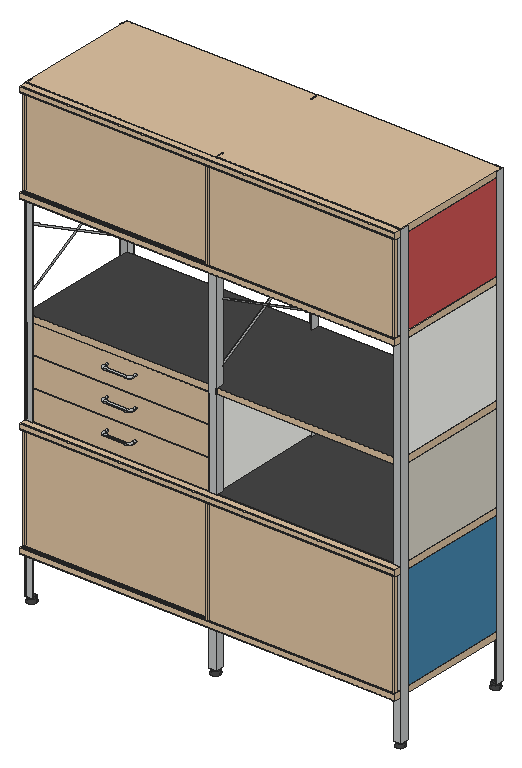
Revit family (continued)
Automatic sketch dimensions
  Extrusion 50 sketch curve to Extrusion 50 sketch curve = 0.125"  (x5)
  Extrusion 50 sketch curve to Extrusion 50 sketch curve = 0.000"  (x2)
  Extrusion 50 sketch curve to plane 3 "Center L/R" = 0.20442"
  Extrusion 50 sketch curve to plane 3 "Center L/R" = 0.07943"
  plane 3 "Center L/R" to Extrusion 50 sketch curve = 0.04558"  (x2)
  plane 8 to Extrusion 50 sketch curve = 0.35942"
  plane 8 to Extrusion 50 sketch curve = 0.10943"
  Extrusion 50 sketch curve to plane 6 = 0.91884"  (x2)
  Extrusion 50 sketch curve to Extrusion 50 sketch curve = 0.15625"  (x5)
  Extrusion 50 sketch curve to plane 6 = 0.54384"
  Extrusion 50 sketch curve to plane 6 = 0.10634"
  plane 7 to Extrusion 54 sketch curve = 0.00005"
  plane 5 to Extrusion 54 sketch curve = 0.00005"
  plane 6 to Extrusion 54 sketch curve = 0.00005"
  plane 3 "Center L/R" to Extrusion 54 sketch curve = 0.31245"
  plane 5 to Extrusion 55 sketch curve = 0.00005"
  plane 3 "Center L/R" to Extrusion 55 sketch curve = 0.31245"
  plane 7 to Extrusion 55 sketch curve = 0.00005"
  plane 6 to Extrusion 55 sketch curve = 0.00005"
  plane 5 to Masking region 1 sketch curve = 0.00005"
  plane 6 to Masking region 1 sketch curve = 0.00005"
  plane 7 to Masking region 1 sketch curve = 0.00005"
  plane 8 to Masking region 1 sketch curve = 0.00005"
  Masking region 2 sketch curve to plane 8 = 0.000"
  Masking region 2 sketch curve to plane 7 = 0.000"
  Masking region 2 sketch curve to plane 6 = 0.12495"
  Masking region 2 sketch curve to Masking region 2 sketch curve = 0.875"
  Sweep 23 sketch curve to plane 8 = 0.000"
  Sweep 23 sketch curve to plane 7 = 0.000"
  Sweep 23 sketch curve to plane 6 = 0.12495"
  Sweep 24 sketch curve to plane 8 = 0.000"
  plane 7 to Sweep 24 sketch curve = 0.00065"
  Sweep 24 sketch curve to plane 6 = 0.5312"
  plane 5 to Masking region 5 sketch curve = 0.00005"
  plane 3 "Center L/R" to Masking region 5 sketch curve = 0.31245"
  plane 7 to Masking region 5 sketch curve = 0.00005"
  plane 6 to Masking region 5 sketch curve = 0.00005"
  plane 9 "Y- Origin" to Masking region 3 sketch curve = 0.000"
  Masking region 3 sketch curve to plane 7 = 0.87495"
  Masking region 3 sketch curve to plane 3 "Center L/R" = 0.54634"
  plane 3 "Center L/R" to Masking region 3 sketch curve = 0.42241"
  plane 8 to Masking region 3 sketch curve = 0.87505"
  Masking region 3 sketch curve to plane 8 = 0.0937"
  level to Masking region 3 sketch curve = 5.750"  (x2)
  level to Masking region 3 sketch curve = 0.625"  (x3)
  Masking region 3 sketch curve to Masking region 3 sketch curve = 0.000"
  Masking region 7 sketch curve to level = 0.000"  (x2)
  plane 3 "Center L/R" to Masking region 7 sketch curve = 0.50053"
  Masking region 7 sketch curve to Masking region 7 sketch curve = 0.0625"  (x6)
  Masking region 7 sketch curve to plane 3 "Center L/R" = 0.49947"
  Masking region 7 sketch curve to plane 7 = 0.95308"
  level to Masking region 7 sketch curve = 0.375"  (x4)
  Masking region 7 sketch curve to plane 9 "Y- Origin" = 0.04687"
  plane 9 "Y- Origin" to Masking region 7 sketch curve = 0.01563"
  plane 9 "Y- Origin" to Masking region 7 sketch curve = 0.07813"
  Masking region 7 sketch curve to Masking region 7 sketch curve = 0.250"  (x2)
  Masking region 8 sketch curve to level = 0.000"
  Masking region 8 sketch curve to plane 8 = 0.17183"
  Masking region 8 sketch curve to plane 8 = 0.10933"
  Masking region 8 sketch curve to plane 8 = 0.04682"
  level to Masking region 8 sketch curve = 0.375"  (x2)
  plane 8 to Masking region 8 sketch curve = 0.82817"
  Masking region 8 sketch curve to Masking region 8 sketch curve = 0.0625"  (x2)
  Masking region 8 sketch curve to Masking region 8 sketch curve = 0.250"
  plane 3 "Center L/R" to curve 12 = 0.42241"
  plane 8 to curve 11 = 0.87505"
  level to curve 12 = 5.750"
  level to curve 11 = 5.750"
  curve 12 to plane 14 "Shelf 3" = 0.750"
  curve 11 to plane 14 "Shelf 3" = 0.750"
  plane 7 to Extrusion 11 sketch curve = 0.00005"
  Extrusion 11 sketch curve to plane 7 = 0.12495"
  level to Extrusion 11 sketch curve = 6.625"
  Extrusion 11 sketch curve to plane 12 "Shelf 1" = 0.875"
  plane 8 to Extrusion 12 sketch curve = 0.00005"
  Extrusion 12 sketch curve to plane 8 = 0.12495"
  Extrusion 12 sketch curve to level = 6.625"
  plane 12 "Shelf 1" to Extrusion 12 sketch curve = 0.875"
  Extrusion 13 sketch curve to plane 5 = 0.12495"
  plane 5 to Extrusion 13 sketch curve = 0.00005"
  level to Extrusion 13 sketch curve = 6.625"
  Extrusion 13 sketch curve to plane 12 "Shelf 1" = 0.875"
  Extrusion 14 sketch curve to plane 5 = 0.12495"
  plane 5 to Extrusion 14 sketch curve = 0.00005"
  Extrusion 14 sketch curve to plane 12 "Shelf 1" = 0.875"
  level to Extrusion 14 sketch curve = 6.625"
  plane 7 to Extrusion 18 sketch curve = 0.00005"
  Extrusion 18 sketch curve to plane 7 = 0.12495"
  plane 12 "Shelf 1" to Extrusion 18 sketch curve = 0.125"
  Extrusion 18 sketch curve to plane 13 "Shelf 2" = 0.875"
  plane 7 to Extrusion 19 sketch curve = 0.00005"
  Extrusion 19 sketch curve to plane 7 = 0.12495"
  plane 14 "Shelf 3" to Extrusion 19 sketch curve = 0.125"
  plane 11 "Surface Bottom" to Extrusion 19 sketch curve = 0.125"
  plane 8 to Extrusion 20 sketch curve = 0.00005"
  Extrusion 20 sketch curve to plane 8 = 0.12495"
  Extrusion 20 sketch curve to plane 12 "Shelf 1" = 0.125"
  plane 13 "Shelf 2" to Extrusion 20 sketch curve = 0.875"
  plane 8 to Extrusion 21 sketch curve = 0.00005"
  Extrusion 21 sketch curve to plane 8 = 0.12495"
  Extrusion 21 sketch curve to plane 13 "Shelf 2" = 0.125"
  plane 14 "Shelf 3" to Extrusion 21 sketch curve = 0.875"
  plane 8 to Extrusion 22 sketch curve = 0.00005"
  Extrusion 22 sketch curve to plane 8 = 0.12495"
  Extrusion 22 sketch curve to plane 14 "Shelf 3" = 0.125"
  Extrusion 22 sketch curve to plane 11 "Surface Bottom" = 0.125"
  Sweep 23 sketch curve to profile plane = 0.000"  (x2)
  profile plane to Sweep 23 sketch curve = 0.125"  (x2)
  Sweep 23 sketch curve to Sweep 23 sketch curve = 0.15625"  (x8)
  Sweep 23 sketch curve to Sweep 23 sketch curve = 0.21875"  (x2)
  Sweep 23 sketch curve to plane 14 "Shelf 3" = 0.00338"  (x3)
  Sweep 23 sketch curve to Sweep 23 sketch curve = 0.0625"  (x3)
  Sweep 23 sketch curve to plane 14 "Shelf 3" = 0.06588"
  Sweep 23 sketch curve to Sweep 23 sketch curve = 0.1875"  (x4)
  Sweep 23 sketch curve to Sweep 23 sketch curve = 0.500"  (x2)
  Sweep 23 sketch curve to Sweep 23 sketch curve = 0.5625"  (x2)
  plane 14 "Shelf 3" to Sweep 23 sketch curve = 11.20442"
  Sweep 23 sketch curve to Sweep 23 sketch curve = 0.000"  (x2)
  profile plane to Sweep 24 sketch curve = 0.46875"  (x2)
  Sweep 24 sketch curve to Sweep 24 sketch curve = 0.0625"  (x7)
  Sweep 24 sketch curve to Sweep 24 sketch curve = 0.15625"  (x4)
  profile plane to Sweep 24 sketch curve = 0.09375"  (x2)
  Sweep 24 sketch curve to profile plane = 0.125"  (x2)
  Sweep 24 sketch curve to Sweep 24 sketch curve = 0.125"  (x3)
  Sweep 24 sketch curve to plane 13 "Shelf 2" = 26.750"
  Sweep 24 sketch curve to Sweep 24 sketch curve = 0.5625"
  Sweep 24 sketch curve to Sweep 24 sketch curve = 0.000"  (x4)
  Sweep 24 sketch curve to Sweep 24 sketch curve = 0.1875"  (x4)
  Sweep 24 sketch curve to plane 13 "Shelf 2" = 12.750"
  Sweep 24 sketch curve to Sweep 24 sketch curve = 0.500"
  Extrusion 25 sketch curve to plane 5 = 0.12495"
  plane 5 to Extrusion 25 sketch curve = 0.00005"
  plane 12 "Shelf 1" to Extrusion 25 sketch curve = 0.125"
  Extrusion 25 sketch curve to plane 13 "Shelf 2" = 0.875"
  Extrusion 26 sketch curve to plane 5 = 0.12495"
  plane 5 to Extrusion 26 sketch curve = 0.00005"
  Extrusion 26 sketch curve to plane 13 "Shelf 2" = 0.875"
  plane 12 "Shelf 1" to Extrusion 26 sketch curve = 0.125"
  Extrusion 27 sketch curve to plane 5 = 0.12495"
  plane 5 to Extrusion 27 sketch curve = 0.00005"
  plane 14 "Shelf 3" to Extrusion 27 sketch curve = 0.125"
  plane 11 "Surface Bottom" to Extrusion 27 sketch curve = 0.125"
  Extrusion 28 sketch curve to plane 5 = 0.12495"
  plane 5 to Extrusion 28 sketch curve = 0.00005"
  plane 11 "Surface Bottom" to Extrusion 28 sketch curve = 0.125"
  plane 14 "Shelf 3" to Extrusion 28 sketch curve = 0.125"
  plane 16 "Glides Front" to Sweep 35 sketch curve = 0.31682"
  Sweep 35 sketch curve to plane 15 "Glides Back" = 0.31674"
  plane 12 "Shelf 1" to Sweep 35 sketch curve = 2.04429"
  Sweep 35 sketch curve to plane 13 "Shelf 2" = 2.29415"
  Sweep 35 sketch curve to profile plane = 0.000"
  plane 3 "Center L/R" to Sweep 35 sketch curve = 23.56248"
  plane 16 "Glides Front" to Sweep 36 sketch curve = 0.31667"
  Sweep 36 sketch curve to plane 15 "Glides Back" = 0.31675"
  plane 12 "Shelf 1" to Sweep 36 sketch curve = 2.04442"
  Sweep 36 sketch curve to plane 13 "Shelf 2" = 2.29427"
  profile plane to Sweep 36 sketch curve = 0.000"
  plane 3 "Center L/R" to Sweep 36 sketch curve = 0.31995"
  plane 6 to Extrusion 45 sketch curve = 0.01109"  (x3)
  Extrusion 45 sketch curve to Extrusion 45 sketch curve = 0.125"  (x4)
  plane 12 "Shelf 1" to Extrusion 45 sketch curve = 0.06433"
  plane 16 "Glides Front" to Extrusion 45 sketch curve = 0.37042"
  Extrusion 45 sketch curve to Extrusion 45 sketch curve = 3.625"  (x2)
  Extrusion 45 sketch curve to plane 13 "Shelf 2" = 0.81067"
  profile plane to Sweep 46 sketch curve = 0.000"  (x3)
  Sweep 46 sketch curve to plane 13 "Shelf 2" = 9.68567"
  Sweep 46 sketch curve to Sweep 46 sketch curve = 3.750"
  Sweep 46 sketch curve to plane 13 "Shelf 2" = 2.18567"
  Extrusion 47 sketch curve to plane 6 = 0.38759"
  Extrusion 47 sketch curve to Extrusion 47 sketch curve = 0.125"
  level to Extrusion 47 sketch curve = 6.3125"
  Extrusion 47 sketch curve to plane 12 "Shelf 1" = 0.59375"
  plane 18 "Door Front" to Extrusion 48 sketch curve = 0.23736"
  Extrusion 48 sketch curve to Extrusion 48 sketch curve = 0.125"
  level to Extrusion 48 sketch curve = 6.3125"
  Extrusion 48 sketch curve to plane 12 "Shelf 1" = 0.59375"
  Extrusion 51 sketch curve to plane 11 "Surface Bottom" = 0.14192"
  Extrusion 51 sketch curve to plane 6 = 0.38759"
  Extrusion 51 sketch curve to Extrusion 51 sketch curve = 0.125"
  Extrusion 51 sketch curve to plane 14 "Shelf 3" = 0.19088"
  plane 18 "Door Front" to Extrusion 52 sketch curve = 0.23736"
  Extrusion 52 sketch curve to Extrusion 52 sketch curve = 0.125"
  Extrusion 52 sketch curve to plane 14 "Shelf 3" = 0.19088"
  Extrusion 52 sketch curve to plane 11 "Surface Bottom" = 0.14192"
  Extrusion 53 sketch curve to plane 12 "Shelf 1" = 0.125"
  Extrusion 53 sketch curve to plane 3 "Center L/R" = 0.32866"
  Extrusion 53 sketch curve to Extrusion 53 sketch curve = 0.125"
  plane 13 "Shelf 2" to Extrusion 53 sketch curve = 0.875"
  Masking region 6 sketch curve to plane 12 "Shelf 1" = 0.000"
  plane 9 "Y- Origin" to Masking region 6 sketch curve = 0.000"
  Masking region 6 sketch curve to plane 7 = 0.87495"
  Masking region 6 sketch curve to plane 3 "Center L/R" = 0.54634"
  plane 3 "Center L/R" to Masking region 6 sketch curve = 0.42241"
  level to Masking region 6 sketch curve = 5.750"
  level to Masking region 6 sketch curve = 0.625"  (x2)
  Masking region 6 sketch curve to Masking region 6 sketch curve = 0.000"
  curve 49 to curve 50 = 0.000"  (x2)
  curve 51 to curve 52 = 0.000"  (x2)
  curve 55 to curve 56 = 0.000"  (x2)
  curve 57 to curve 58 = 0.000"  (x2)
  curve 61 to curve 62 = 0.000"  (x2)
  curve 63 to curve 64 = 0.000"  (x2)
  curve 20 to plane 14 "Shelf 3" = 0.000"
  curve 23 to plane 11 "Surface Bottom" = 0.000"
  curve 89 to plane 12 "Shelf 1" = 0.000"
  curve 16 to plane 12 "Shelf 1" = 0.000"
  curve 18 to plane 13 "Shelf 2" = 0.000"
  curve 22 to plane 13 "Shelf 2" = 0.000"
  curve 86 to plane 12 "Shelf 1" = 0.000"
  plane 9 "Y- Origin" to curve 90 = 0.000"
  plane 9 "Y- Origin" to curve 20 = 0.000"
  plane 9 "Y- Origin" to curve 23 = 0.000"
  plane 9 "Y- Origin" to curve 89 = 0.000"
  curve 9 to plane 9 "Y- Origin" = 0.04687"
  plane 7 to curve 77 = 0.00005"
  plane 7 to curve 100 = 0.00005"
  plane 14 "Shelf 3" to curve 71 = 0.05912"
  curve 71 to plane 7 = 0.24995"
  curve 97 to plane 7 = 0.24995"
  level to curve 9 = 0.375"
  curve 9 to plane 7 = 0.82807"
  curve 22 to plane 7 = 0.87495"
  curve 21 to curve 22 = 0.000"
  curve 41 to plane 7 = 0.88891"
  curve 40 to curve 24 = 0.01396"
  curve 47 to curve 21 = 0.01396"
  curve 63 to curve 27 = 9.15459"
  curve 63 to curve 51 = 0.000"
  curve 63 to curve 58 = 0.000"
  curve 54 to curve 51 = 0.125"
  curve 57 to curve 57 = 0.125"
  curve 66 to curve 63 = 0.125"
  curve 65 to curve 63 = 3.5625"
  curve 50 to curve 51 = 3.5625"
  curve 55 to curve 54 = 0.000"
  curve 46 to plane 3 "Center L/R" = 0.57984"
  curve 42 to curve 45 = 0.000"
  curve 39 to curve 41 = 0.000"
  curve 1 to plane 3 "Center L/R" = 0.54634"
  curve 86 to curve 24 = 0.000"
  curve 8 to plane 3 "Center L/R" = 0.49947"
  curve 22 to curve 86 = 0.1088"
  plane 14 "Shelf 3" to curve 69 = 0.05912"
  curve 69 to plane 3 "Center L/R" = 0.20442"
  curve 101 to plane 3 "Center L/R" = 0.20442"
  plane 3 "Center L/R" to curve 69 = 0.04558"
  plane 3 "Center L/R" to curve 101 = 0.04558"
  plane 3 "Center L/R" to curve 8 = 0.37553"
  plane 3 "Center L/R" to curve 88 = 0.42234"
  plane 3 "Center L/R" to curve 82 = 0.42234"
  plane 3 "Center L/R" to curve 36 = 0.42241"
  curve 36 to curve 35 = 0.000"  (x2)
  plane 3 "Center L/R" to curve 34 = 0.42241"
  curve 34 to curve 33 = 0.000"  (x2)
  plane 8 to curve 33 = 0.87505"
  plane 8 to curve 80 = 0.87505"
  curve 17 to curve 18 = 0.000"
  plane 8 to curve 36 = 0.87505"
  plane 8 to curve 19 = 0.85884"
  level to curve 7 = 0.375"
  plane 8 to curve 7 = 0.82817"
  plane 14 "Shelf 3" to curve 74 = 0.05912"
  plane 8 to curve 74 = 0.35942"
  plane 8 to curve 103 = 0.35942"
  plane 8 to curve 73 = 0.10942"
  plane 8 to curve 103 = 0.10943"
  curve 7 to plane 8 = 0.04682"
  curve 90 to plane 8 = 0.0937"
  curve 91 to plane 8 = 0.0937"
  curve 89 to plane 8 = 0.0937"
  curve 92 to plane 8 = 0.0937"
  curve 23 to plane 8 = 0.0937"
  curve 20 to plane 8 = 0.0937"
  level to curve 8 = 0.375"
  curve 8 to curve 82 = 5.375"
  curve 81 to curve 82 = 0.000"
  curve 80 to curve 14 = 0.750"
  curve 6 to curve 13 = 0.750"
  curve 92 to curve 91 = 0.750"
  curve 91 to curve 93 = 0.0625"
  curve 14 to curve 95 = 0.0625"
  curve 13 to curve 100 = 0.0625"
  curve 96 to curve 2 = 1.88022"
  curve 13 to curve 4 = 1.94334"
  curve 2 to curve 1 = 0.19842"  (x2)
  curve 4 to curve 3 = 0.19894"  (x2)
  curve 4 to plane 12 "Shelf 1" = 4.39289"
  curve 2 to plane 12 "Shelf 1" = 4.39171"
  curve 102 to plane 12 "Shelf 1" = 0.84375"
  curve 94 to plane 12 "Shelf 1" = 0.84375"
  curve 99 to plane 12 "Shelf 1" = 0.84375"
  curve 98 to curve 90 = 0.09375"
  curve 97 to curve 10 = 0.09375"
  curve 95 to curve 15 = 0.09375"
  plane 12 "Shelf 1" to curve 37 = 0.06433"
  curve 37 to curve 26 = 1.87838"
  curve 37 to curve 28 = 1.87901"
  curve 26 to curve 25 = 0.19842"  (x2)
  curve 28 to curve 27 = 0.19894"  (x2)
  plane 12 "Shelf 1" to curve 62 = 2.18934"
  curve 27 to curve 39 = 1.54705"
  curve 38 to curve 42 = 0.125"
  curve 65 to curve 58 = 3.500"
  curve 41 to curve 43 = 3.625"
  curve 43 to curve 45 = 0.125"
  curve 45 to curve 28 = 2.04278"
  curve 45 to curve 26 = 2.04395"
  curve 54 to plane 13 "Shelf 2" = 2.31067"
  curve 47 to plane 13 "Shelf 2" = 0.81067"
  curve 17 to plane 13 "Shelf 2" = 0.750"
  curve 46 to curve 87 = 0.06067"
  curve 21 to curve 87 = 0.000"
  curve 18 to curve 36 = 1.91091"
  plane 13 "Shelf 2" to curve 34 = 1.93202"
  curve 34 to curve 30 = 0.0107"
  curve 22 to curve 32 = 1.94334"
  curve 36 to curve 35 = 0.19894"  (x2)
  curve 34 to curve 33 = 0.19895"  (x2)
  curve 30 to curve 29 = 0.19842"  (x2)
  curve 32 to curve 31 = 0.19894"  (x2)
  curve 32 to plane 14 "Shelf 3" = 4.39289"
  curve 30 to plane 14 "Shelf 3" = 4.39171"
  curve 32 to curve 36 = 0.01043"
  curve 34 to plane 14 "Shelf 3" = 4.35954"
  curve 19 to plane 14 "Shelf 3" = 0.750"
  plane 11 "Surface Bottom" to curve 74 = 0.13933"
  plane 11 "Surface Bottom" to curve 70 = 0.13933"
  plane 11 "Surface Bottom" to curve 72 = 0.13933"
  Masking region 4 sketch curve to plane 10 "X - Origin" = 0.000"
  Masking region 4 sketch curve to plane 15 "Glides Back" = 0.48437"
  plane 16 "Glides Front" to Masking region 4 sketch curve = 0.48437"
  Masking region 4 sketch curve to plane 6 = 0.0937"
  level to Masking region 4 sketch curve = 0.625"  (x2)
  plane 1 "Center F/B" to Masking region 4 sketch curve = 2.9687"
  Masking region 4 sketch curve to Masking region 4 sketch curve = 5.125"
  plane 18 "Door Front" to Masking region 9 sketch curve = 0.16065"  (x3)
  Masking region 9 sketch curve to plane 6 = 0.0937"  (x3)
  plane 12 "Shelf 1" to Masking region 9 sketch curve = 2.18934"
  Masking region 9 sketch curve to Masking region 9 sketch curve = 0.125"  (x3)
  Masking region 9 sketch curve to Masking region 9 sketch curve = 3.500"
  Masking region 9 sketch curve to plane 13 "Shelf 2" = 2.31067"
  Masking region 10 sketch curve to level = 0.000"  (x2)
  Masking region 10 sketch curve to plane 6 = 0.17183"
  Masking region 10 sketch curve to plane 6 = 0.10933"
  Masking region 10 sketch curve to plane 6 = 0.04682"
  plane 16 "Glides Front" to Masking region 10 sketch curve = 0.4375"
  Masking region 10 sketch curve to Masking region 10 sketch curve = 0.0625"  (x4)
  Masking region 10 sketch curve to plane 15 "Glides Back" = 0.5625"
  Masking region 10 sketch curve to plane 10 "X - Origin" = 0.04687"
  plane 10 "X - Origin" to Masking region 10 sketch curve = 0.01563"
  plane 10 "X - Origin" to Masking region 10 sketch curve = 0.07813"
  level to Masking region 10 sketch curve = 0.375"  (x4)
  Masking region 10 sketch curve to Masking region 10 sketch curve = 0.250"  (x2)
  curve 144 to plane 18 "Door Front" = 0.000"
  curve 124 to plane 18 "Door Front" = 0.000"
  curve 186 to plane 18 "Door Front" = 0.000"
  curve 168 to plane 18 "Door Front" = 0.000"
  curve 113 to plane 14 "Shelf 3" = 0.000"
  curve 109 to plane 12 "Shelf 1" = 0.000"
  curve 111 to plane 13 "Shelf 2" = 0.000"
  plane 18 "Door Front" to curve 142 = 0.0625"
  plane 17 to curve 144 = 0.01142"
  plane 18 "Door Front" to curve 144 = 0.0625"
  plane 12 "Shelf 1" to curve 157 = 0.000"
  plane 18 "Door Front" to curve 157 = 0.0625"
  curve 127 to plane 14 "Shelf 3" = 0.00338"
  plane 18 "Door Front" to curve 127 = 0.0625"
  plane 18 "Door Front" to curve 183 = 0.0625"
  plane 18 "Door Front" to curve 186 = 0.0625"
  plane 18 "Door Front" to curve 124 = 0.0625"
  plane 18 "Door Front" to curve 167 = 0.0625"
  plane 18 "Door Front" to curve 169 = 0.08111"
  plane 18 "Door Front" to curve 137 = 0.08111"
  plane 18 "Door Front" to curve 175 = 0.21875"
  curve 167 to curve 167 = 0.15625"
  curve 137 to curve 127 = 0.13764"
  plane 11 "Surface Bottom" to curve 141 = 0.04558"
  curve 141 to curve 141 = 0.15625"
  curve 153 to curve 153 = 0.15625"
  curve 166 to curve 163 = 0.15625"
  curve 131 to plane 14 "Shelf 3" = 0.00338"
  curve 127 to curve 131 = 0.15625"
  curve 173 to curve 177 = 0.15625"
  curve 163 to curve 162 = 0.21875"
  curve 175 to curve 179 = 0.21875"
  curve 129 to curve 133 = 0.21875"
  plane 11 "Surface Bottom" to curve 151 = 0.04558"
  curve 151 to curve 151 = 0.21875"
  curve 149 to curve 149 = 0.15625"
  curve 162 to curve 159 = 0.15625"
  curve 132 to curve 133 = 0.15625"
  curve 178 to curve 179 = 0.15625"
  plane 11 "Surface Bottom" to curve 146 = 0.04558"
  curve 146 to plane 6 = 0.12495"
  curve 157 to plane 6 = 0.12495"
  curve 136 to plane 6 = 0.12495"
  curve 181 to plane 6 = 0.12495"
  curve 158 to curve 170 = 0.01861"
  curve 146 to curve 140 = 0.01861"
  curve 187 to plane 6 = 0.04682"
  plane 16 "Glides Front" to curve 187 = 0.4375"
  plane 16 "Glides Front" to curve 113 = 0.48437"
  curve 113 to plane 15 "Glides Back" = 0.48437"
  curve 188 to plane 15 "Glides Back" = 0.4375"
  curve 188 to plane 10 "X - Origin" = 0.04687"
  curve 156 to plane 12 "Shelf 1" = 0.0625"
  curve 160 to plane 12 "Shelf 1" = 0.5625"
  curve 165 to curve 161 = 0.000"
  curve 168 to curve 165 = 0.125"
  curve 110 to plane 12 "Shelf 1" = 0.750"
  curve 159 to curve 160 = 0.1875"
  curve 166 to curve 165 = 0.1875"
  curve 162 to curve 159 = 0.000"
  curve 169 to curve 167 = 0.09375"
  level to curve 108 = 6.625"
  curve 172 to curve 108 = 0.0625"
  curve 180 to curve 171 = 0.0625"
  curve 186 to curve 169 = 0.0625"
  curve 178 to curve 180 = 0.000"
  curve 185 to curve 173 = 0.0625"
  curve 175 to curve 176 = 0.1875"
  curve 179 to curve 177 = 0.1875"
  curve 185 to curve 174 = 0.500"
  curve 105 to curve 108 = 0.875"
  curve 182 to curve 179 = 0.5625"
  curve 106 to curve 108 = 0.875"
  level to curve 188 = 0.375"
  level to curve 187 = 0.375"
  curve 109 to curve 120 = 2.02746"
  curve 109 to curve 122 = 2.02759"
  curve 122 to curve 121 = 0.2126"  (x2)
  curve 120 to curve 119 = 0.21316"  (x2)
  curve 120 to plane 13 "Shelf 2" = 2.49044"
  curve 122 to plane 13 "Shelf 2" = 2.490"
  curve 112 to plane 13 "Shelf 2" = 0.750"
  curve 111 to curve 118 = 2.02746"
  curve 111 to curve 116 = 2.02759"
  curve 116 to curve 115 = 0.2126"  (x2)
  curve 118 to curve 117 = 0.21316"  (x2)
  curve 118 to plane 14 "Shelf 3" = 4.49044"
  curve 116 to plane 14 "Shelf 3" = 4.490"
  curve 123 to curve 126 = 0.750"
  curve 114 to plane 14 "Shelf 3" = 0.750"
  curve 123 to curve 125 = 0.0625"
  curve 130 to curve 130 = 0.1875"
  curve 134 to plane 14 "Shelf 3" = 0.19088"
  curve 126 to plane 14 "Shelf 3" = 0.06588"
  curve 134 to plane 14 "Shelf 3" = 0.00338"
  plane 14 "Shelf 3" to curve 138 = 0.05912"
  curve 139 to curve 146 = 0.09375"
  curve 142 to plane 11 "Surface Bottom" = 0.01692"
  curve 152 to plane 11 "Surface Bottom" = 0.14192"
  curve 148 to plane 11 "Surface Bottom" = 0.14192"
  curve 143 to plane 17 = 0.05108"
  radius of Sweep 29 sketch curve = 0.09375"
  radius of Sweep 30 sketch curve = 0.09375"
  radius of Sweep 31 sketch curve = 0.09375"
  radius of Sweep 32 sketch curve = 0.094"
  radius of Sweep 33 sketch curve = 0.09375"
  radius of Sweep 34 sketch curve = 0.094"
  radius of Sweep 37 sketch curve = 0.094"
  radius of Sweep 38 sketch curve = 0.094"
  radius of Sweep 39 sketch curve = 0.09375"  (x2)
  radius of Sweep 40 sketch curve = 0.094"  (x2)
  radius of Sweep 41 sketch curve = 0.094"
  radius of Sweep 42 sketch curve = 0.094"
  radius of Sweep 43 sketch curve = 0.094"
  radius of Sweep 44 sketch curve = 0.094"
  radius of Sweep 35 sketch curve = 0.09375"
  radius of Sweep 36 sketch curve = 0.094"
  radius of Sweep 46 sketch curve = 0.125"  (x3)
